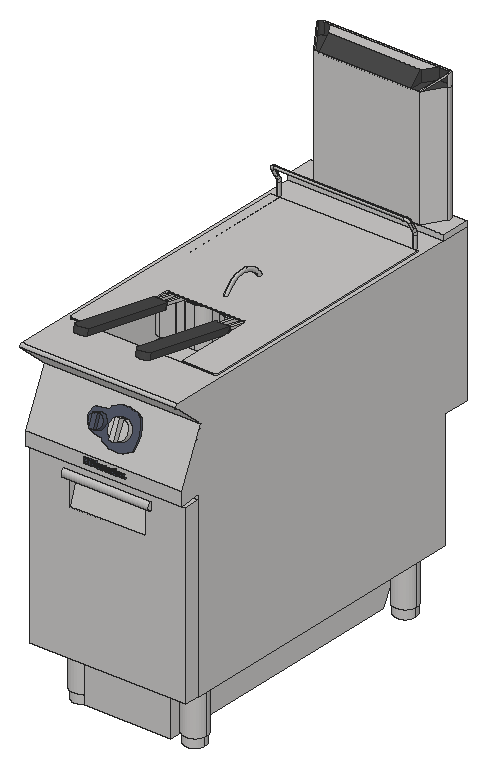
Revit family "QF_ELECTROLUXPROFESSIONAL_391631_E9KKMTBAMCI", category Attrezzature speciali, Revit 2021 (continued)
Automatic sketch dimensions
  Extrusion 16 sketch curve to Extrusion 16 sketch curve = 0.291 mm
  plane 7 "Center Y" to Extrusion 16 sketch curve = 8.533 mm
  Extrusion 16 sketch curve to Extrusion 16 sketch curve = 1.049 mm  (x2)
  Extrusion 16 sketch curve to Extrusion 16 sketch curve = 1.7 mm
  Extrusion 16 sketch curve to Extrusion 16 sketch curve = 0.894 mm
  Extrusion 16 sketch curve to plane 7 "Center Y" = 1.202 mm
  Extrusion 16 sketch curve to Extrusion 16 sketch curve = 0.989 mm
  Extrusion 16 sketch curve to Extrusion 16 sketch curve = 1.168 mm
  Extrusion 16 sketch curve to Extrusion 16 sketch curve = 1.594 mm
  Extrusion 16 sketch curve to Extrusion 16 sketch curve = 0.731 mm
  Extrusion 16 sketch curve to Extrusion 16 sketch curve = 1.566 mm
  Extrusion 16 sketch curve to Extrusion 16 sketch curve = 0.064 mm
  plane 7 "Center Y" to Extrusion 16 sketch curve = 9.089 mm
  Extrusion 16 sketch curve to Extrusion 16 sketch curve = 0.556 mm  (x2)
  Extrusion 16 sketch curve to Extrusion 16 sketch curve = 0.48 mm
  Extrusion 16 sketch curve to Extrusion 16 sketch curve = 1.018 mm
  Extrusion 16 sketch curve to Extrusion 16 sketch curve = 0.787 mm
  Extrusion 16 sketch curve to Extrusion 16 sketch curve = 0.618 mm
  Extrusion 16 sketch curve to Extrusion 16 sketch curve = 1.672 mm
  Extrusion 16 sketch curve to Extrusion 16 sketch curve = 1.361 mm
  Extrusion 16 sketch curve to Extrusion 16 sketch curve = 0.822 mm
  Extrusion 16 sketch curve to Extrusion 16 sketch curve = 0.069 mm
  Extrusion 16 sketch curve to Extrusion 16 sketch curve = 1.88 mm
  Extrusion 16 sketch curve to Extrusion 16 sketch curve = 0.42 mm
  Extrusion 16 sketch curve to Extrusion 16 sketch curve = 0.062 mm
  Extrusion 16 sketch curve to Extrusion 16 sketch curve = 1.355 mm
  Extrusion 16 sketch curve to Extrusion 16 sketch curve = 2.34 mm
  Extrusion 16 sketch curve to Extrusion 16 sketch curve = 0.493 mm
  Extrusion 16 sketch curve to Extrusion 16 sketch curve = 0.136 mm
  Extrusion 16 sketch curve to Extrusion 16 sketch curve = 0.128 mm
  Extrusion 16 sketch curve to Extrusion 16 sketch curve = 3.616 mm
  Extrusion 16 sketch curve to Extrusion 16 sketch curve = 4.207 mm
  Extrusion 16 sketch curve to Extrusion 16 sketch curve = 0.183 mm
  Extrusion 16 sketch curve to Extrusion 16 sketch curve = 0.895 mm
  Extrusion 16 sketch curve to Extrusion 16 sketch curve = 1.314 mm
  Extrusion 16 sketch curve to Extrusion 16 sketch curve = 3.231 mm
  Extrusion 16 sketch curve to Extrusion 16 sketch curve = 1.299 mm
  Extrusion 16 sketch curve to Extrusion 16 sketch curve = 1.214 mm
  Extrusion 16 sketch curve to Extrusion 16 sketch curve = 1.264 mm
  Extrusion 16 sketch curve to Extrusion 16 sketch curve = 0.109 mm
  Extrusion 16 sketch curve to Extrusion 16 sketch curve = 0.357 mm
  Extrusion 16 sketch curve to Extrusion 16 sketch curve = 0.565 mm
  Extrusion 16 sketch curve to Extrusion 16 sketch curve = 2.504 mm
  Extrusion 16 sketch curve to Extrusion 16 sketch curve = 2.459 mm
  Extrusion 16 sketch curve to Extrusion 16 sketch curve = 1.322 mm
  Extrusion 16 sketch curve to Extrusion 16 sketch curve = 2.77 mm
  Extrusion 16 sketch curve to Extrusion 16 sketch curve = 2.51 mm
  Extrusion 16 sketch curve to Extrusion 16 sketch curve = 0.187 mm
  Extrusion 16 sketch curve to Extrusion 16 sketch curve = 2.559 mm
  Extrusion 16 sketch curve to Extrusion 16 sketch curve = 1.556 mm
  Extrusion 16 sketch curve to Extrusion 16 sketch curve = 0.222 mm
  Extrusion 16 sketch curve to Extrusion 16 sketch curve = 1.383 mm
  Extrusion 16 sketch curve to Extrusion 16 sketch curve = 3.114 mm
  Extrusion 16 sketch curve to Extrusion 16 sketch curve = 3.376 mm
  Extrusion 16 sketch curve to Extrusion 16 sketch curve = 0.934 mm
  Extrusion 16 sketch curve to Extrusion 16 sketch curve = 0.191 mm
  Extrusion 16 sketch curve to Extrusion 16 sketch curve = 3.696 mm
  Extrusion 16 sketch curve to Extrusion 16 sketch curve = 2.708 mm
  Extrusion 16 sketch curve to Extrusion 16 sketch curve = 3.333 mm
  Extrusion 16 sketch curve to Extrusion 16 sketch curve = 0.332 mm
  Extrusion 16 sketch curve to Extrusion 16 sketch curve = 1.087 mm
  Extrusion 16 sketch curve to Extrusion 16 sketch curve = 2.23 mm
  Extrusion 16 sketch curve to Extrusion 16 sketch curve = 2.757 mm
  Extrusion 16 sketch curve to Extrusion 16 sketch curve = 0.987 mm
  Extrusion 16 sketch curve to Extrusion 16 sketch curve = 1.529 mm
  Extrusion 16 sketch curve to Extrusion 16 sketch curve = 1.796 mm
  Extrusion 16 sketch curve to Extrusion 16 sketch curve = 2.859 mm
  Extrusion 16 sketch curve to Extrusion 16 sketch curve = 0.853 mm
  Extrusion 16 sketch curve to Extrusion 16 sketch curve = 1.241 mm
  Extrusion 16 sketch curve to Extrusion 16 sketch curve = 2.046 mm  (x2)
  Extrusion 16 sketch curve to Extrusion 16 sketch curve = 2.422 mm
  Extrusion 16 sketch curve to Extrusion 16 sketch curve = 0.27 mm  (x2)
  Extrusion 16 sketch curve to Extrusion 16 sketch curve = 0.69 mm
  Extrusion 16 sketch curve to Extrusion 16 sketch curve = 0.781 mm  (x2)
  Extrusion 16 sketch curve to Extrusion 16 sketch curve = 3.136 mm
  Extrusion 16 sketch curve to Extrusion 16 sketch curve = 1.767 mm
  Extrusion 16 sketch curve to Extrusion 16 sketch curve = 0.138 mm
  Extrusion 16 sketch curve to Extrusion 16 sketch curve = 0.777 mm
  Extrusion 16 sketch curve to Extrusion 16 sketch curve = 1.19 mm
  Extrusion 16 sketch curve to Extrusion 16 sketch curve = 0.782 mm
  Extrusion 16 sketch curve to Extrusion 16 sketch curve = 1.268 mm
  Extrusion 16 sketch curve to Extrusion 16 sketch curve = 0.422 mm  (x2)
  Extrusion 16 sketch curve to Extrusion 16 sketch curve = 1.559 mm
  Extrusion 16 sketch curve to Extrusion 16 sketch curve = 3.927 mm
  Extrusion 16 sketch curve to Extrusion 16 sketch curve = 0.983 mm
  Extrusion 16 sketch curve to Extrusion 16 sketch curve = 1.134 mm
  Extrusion 16 sketch curve to Extrusion 16 sketch curve = 0.094 mm
  Extrusion 16 sketch curve to Extrusion 16 sketch curve = 1.584 mm
  Extrusion 16 sketch curve to Extrusion 16 sketch curve = 0.916 mm
  Extrusion 16 sketch curve to Extrusion 16 sketch curve = 0.352 mm
  Extrusion 16 sketch curve to Extrusion 16 sketch curve = 0.458 mm
  Extrusion 16 sketch curve to Extrusion 16 sketch curve = 1.282 mm
  Extrusion 16 sketch curve to Extrusion 16 sketch curve = 0.685 mm
  Extrusion 16 sketch curve to Extrusion 16 sketch curve = 0.905 mm
  Extrusion 16 sketch curve to Extrusion 16 sketch curve = 2.865 mm
  Extrusion 16 sketch curve to Extrusion 16 sketch curve = 0.472 mm
  Extrusion 16 sketch curve to Extrusion 16 sketch curve = 0.101 mm
  Extrusion 16 sketch curve to Extrusion 16 sketch curve = 0.54 mm
  Extrusion 16 sketch curve to Extrusion 16 sketch curve = 0.02 mm
  Extrusion 16 sketch curve to Extrusion 16 sketch curve = 0.468 mm
  Extrusion 16 sketch curve to Extrusion 16 sketch curve = 0.829 mm
  Extrusion 16 sketch curve to Extrusion 16 sketch curve = 0.582 mm
  Extrusion 16 sketch curve to Extrusion 16 sketch curve = 0.166 mm
  Extrusion 16 sketch curve to Extrusion 16 sketch curve = 0.16 mm
  Extrusion 16 sketch curve to Extrusion 16 sketch curve = 2.781 mm
  Extrusion 16 sketch curve to Extrusion 16 sketch curve = 1.118 mm
  Extrusion 16 sketch curve to Extrusion 16 sketch curve = 0.613 mm
  Extrusion 16 sketch curve to Extrusion 16 sketch curve = 0.361 mm
  Extrusion 16 sketch curve to Extrusion 16 sketch curve = 0.897 mm
  Extrusion 16 sketch curve to Extrusion 16 sketch curve = 0.167 mm
  Extrusion 16 sketch curve to Extrusion 16 sketch curve = 0.292 mm
  Extrusion 16 sketch curve to Extrusion 16 sketch curve = 0.305 mm
  Extrusion 16 sketch curve to Extrusion 16 sketch curve = 1.557 mm
  Extrusion 16 sketch curve to Extrusion 16 sketch curve = 2.499 mm
  Extrusion 16 sketch curve to Extrusion 16 sketch curve = 3.062 mm
  Extrusion 16 sketch curve to Extrusion 16 sketch curve = 2.968 mm
  Extrusion 16 sketch curve to Extrusion 16 sketch curve = 5.044 mm
  Extrusion 16 sketch curve to Extrusion 16 sketch curve = 0.629 mm  (x2)
  Extrusion 16 sketch curve to Extrusion 16 sketch curve = 1.131 mm
  Extrusion 16 sketch curve to Extrusion 16 sketch curve = 0.137 mm
  Extrusion 16 sketch curve to Extrusion 16 sketch curve = 0.027 mm
  Extrusion 16 sketch curve to Extrusion 16 sketch curve = 2.235 mm
  Extrusion 17 sketch curve to Extrusion 17 sketch curve = 0 mm  (x2)
  Extrusion 17 sketch curve to plane 7 "Center Y" = 7.904 mm
  Extrusion 17 sketch curve to plane 7 "Center Y" = 14.86 mm
  Extrusion 17 sketch curve to Extrusion 17 sketch curve = 112.63 mm
  Extrusion 17 sketch curve to Extrusion 17 sketch curve = 1.398 mm
  Extrusion 17 sketch curve to Extrusion 17 sketch curve = 5.918 mm
  Extrusion 17 sketch curve to Extrusion 17 sketch curve = 7.825 mm
  Extrusion 17 sketch curve to Extrusion 17 sketch curve = 12.433 mm
  Extrusion 17 sketch curve to Extrusion 17 sketch curve = 33.329 mm
  Extrusion 17 sketch curve to Extrusion 17 sketch curve = 28.808 mm
  Extrusion 17 sketch curve to Extrusion 17 sketch curve = 2.986 mm
  Extrusion 17 sketch curve to Extrusion 17 sketch curve = 35.441 mm
  Extrusion 17 sketch curve to Extrusion 17 sketch curve = 23.969 mm
  Extrusion 17 sketch curve to plane 7 "Center Y" = 15.937 mm
  Extrusion 17 sketch curve to Extrusion 17 sketch curve = 31.993 mm
  Extrusion 17 sketch curve to Extrusion 17 sketch curve = 0.131 mm
  Extrusion 17 sketch curve to Extrusion 17 sketch curve = 36.738 mm
  Extrusion 17 sketch curve to Extrusion 17 sketch curve = 6.105 mm
  plane 7 "Center Y" to Extrusion 17 sketch curve = 23.064 mm
  Extrusion 17 sketch curve to Extrusion 17 sketch curve = 0.002 mm
  Extrusion 17 sketch curve to Extrusion 17 sketch curve = 38.412 mm
  Extrusion 17 sketch curve to Extrusion 17 sketch curve = 11.842 mm
  Extrusion 19 sketch curve to Extrusion 19 sketch curve = 24.732 mm
  Extrusion 19 sketch curve to Extrusion 19 sketch curve = 0 mm
  Extrusion 21 sketch curve to Extrusion 21 sketch curve = 0 mm
  Extrusion 21 sketch curve to Extrusion 21 sketch curve = 7.232 mm  (x3)
  Extrusion 21 sketch curve to Extrusion 21 sketch curve = 17.5 mm
  Extrusion 21 sketch curve to Extrusion 21 sketch curve = 5.786 mm
  Extrusion 24 sketch curve to Extrusion 24 sketch curve = 0 mm  (x8)
  Extrusion 24 sketch curve to plane 7 "Center Y" = 12.729 mm
  Extrusion 24 sketch curve to Extrusion 24 sketch curve = 3.175 mm
  Extrusion 24 sketch curve to Extrusion 24 sketch curve = 22.225 mm  (x2)
  plane 16 to Extrusion 24 sketch curve = 15.596 mm  (x2)
  Extrusion 24 sketch curve to plane 16 = 6.629 mm
  plane 12 to Extrusion 24 sketch curve = 59.26 mm
  Extrusion 24 sketch curve to plane 8 "Center X" = 80.89 mm
  plane 10 "TOP A" to Extrusion 26 sketch curve = 2.752 mm
  Extrusion 26 sketch curve to plane 8 "Center X" = 166.75 mm
  Extrusion 26 sketch curve to Extrusion 26 sketch curve = 2.306 mm
  Extrusion 26 sketch curve to Extrusion 26 sketch curve = 42.039 mm
  Extrusion 26 sketch curve to Extrusion 26 sketch curve = 6.254 mm
  Extrusion 26 sketch curve to Extrusion 26 sketch curve = 59.061 mm
  Extrusion 26 sketch curve to Extrusion 26 sketch curve = 7.158 mm
  Extrusion 26 sketch curve to Extrusion 26 sketch curve = 18.997 mm
  plane 10 "TOP A" to Extrusion 27 sketch curve = 2.752 mm
  Extrusion 27 sketch curve to plane 8 "Center X" = 166.75 mm
  Extrusion 27 sketch curve to Extrusion 27 sketch curve = 2.306 mm
  Extrusion 27 sketch curve to Extrusion 27 sketch curve = 42.039 mm
  Extrusion 27 sketch curve to Extrusion 27 sketch curve = 6.254 mm
  Extrusion 27 sketch curve to Extrusion 27 sketch curve = 59.061 mm
  Extrusion 27 sketch curve to Extrusion 27 sketch curve = 7.158 mm
  Extrusion 27 sketch curve to Extrusion 27 sketch curve = 5.916 mm
  Extrusion 28 sketch curve to Extrusion 28 sketch curve = 0 mm  (x8)
  plane 7 "Center Y" to Extrusion 28 sketch curve = 12.729 mm
  Extrusion 28 sketch curve to Extrusion 28 sketch curve = 3.175 mm
  Extrusion 28 sketch curve to Extrusion 28 sketch curve = 22.225 mm  (x2)
  Extrusion 28 sketch curve to plane 15 = 15.596 mm  (x2)
  plane 21 to Extrusion 28 sketch curve = 4.371 mm
  Extrusion 28 sketch curve to plane 8 "Center X" = 106.29 mm
  plane 12 to Extrusion 28 sketch curve = 84.66 mm
  plane 10 "TOP A" to Extrusion 29 sketch curve = 2.752 mm
  Extrusion 29 sketch curve to plane 8 "Center X" = 166.75 mm
  Extrusion 29 sketch curve to Extrusion 29 sketch curve = 2.306 mm
  Extrusion 29 sketch curve to Extrusion 29 sketch curve = 42.039 mm
  Extrusion 29 sketch curve to Extrusion 29 sketch curve = 6.254 mm
  Extrusion 29 sketch curve to Extrusion 29 sketch curve = 59.061 mm
  Extrusion 29 sketch curve to Extrusion 29 sketch curve = 7.158 mm
  Extrusion 29 sketch curve to Extrusion 29 sketch curve = 5.916 mm
  Extrusion 30 sketch curve to plane 11 = 0 mm
  level to Extrusion 30 sketch curve = 11 mm
  plane 13 to Extrusion 30 sketch curve = 35.361 mm
  plane 12 to Extrusion 30 sketch curve = 31.049 mm
  Extrusion 30 sketch curve to plane 12 = 46 mm
  Split face 1 sketch curve to Extrusion 30 = 2 mm  (x3)
  Split face 1 sketch curve to Extrusion 30 = 47.969 mm
  Split face 2 sketch curve to Extrusion 30 = 51.412 mm
  Split face 2 sketch curve to Split face 2 sketch curve = 7.5 mm
  Split face 2 sketch curve to Split face 2 sketch curve = 15 mm  (x2)
  Split face 2 sketch curve to Extrusion 30 = 35.145 mm
  Extrusion 31 sketch curve to plane 15 = 45.378 mm
  Extrusion 31 sketch curve to Extrusion 31 sketch curve = 0 mm
  Extrusion 31 sketch curve to Extrusion 31 sketch curve = 11.832 mm
  Extrusion 31 sketch curve to plane 15 = 48.887 mm
  Extrusion 31 sketch curve to Extrusion 31 sketch curve = 243.056 mm
  Extrusion 31 sketch curve to Extrusion 31 sketch curve = 3.5 mm
  Extrusion 31 sketch curve to Extrusion 31 sketch curve = 18.617 mm
  Extrusion 32 sketch curve to plane 22 = 0 mm
  Extrusion 32 sketch curve to plane 15 = 33.649 mm
  plane 16 to Extrusion 32 sketch curve = 33.649 mm
  plane 13 to Extrusion 32 sketch curve = 35.361 mm
  Extrusion 3 sketch curve to plane 4 "RIGHT" = 11.548 mm
  Extrusion 3 sketch curve to Extrusion 3 sketch curve = 6.35 mm  (x3)
  Extrusion 3 sketch curve to plane 13 = 12.857 mm
  Extrusion 3 sketch curve to plane 15 = 37.387 mm
  Extrusion 3 sketch curve to plane 15 = 43.712 mm
  plane 16 to Extrusion 3 sketch curve = 47.563 mm
  Extrusion 3 sketch curve to plane 13 = 19.207 mm
  plane 16 to Extrusion 3 sketch curve = 41.213 mm
  plane 3 "LEFT" to Extrusion 3 sketch curve = 17.898 mm
  plane 3 "LEFT" to Extrusion 3 sketch curve = 11.548 mm
  Extrusion 3 sketch curve to plane 8 "Center X" = 121.546 mm
  plane 12 to Extrusion 3 sketch curve = 15.304 mm
  plane 5 "FRONT" to Extrusion 5 sketch curve = 0 mm  (x2)
  plane 1 "BACK" to Extrusion 5 sketch curve = 0 mm
  Extrusion 5 sketch curve to plane 3 "LEFT" = 0 mm
  Extrusion 5 sketch curve to plane 4 "RIGHT" = 0 mm
  Extrusion 5 sketch curve to plane 3 "LEFT" = 150.019 mm
  plane 4 "RIGHT" to Extrusion 5 sketch curve = 150.019 mm
  Extrusion 5 sketch curve to plane 1 "BACK" = 150.019 mm
  curve 30 to curve 31 = 0 mm
  curve 37 to curve 38 = 0 mm
  curve 22 to plane 4 "RIGHT" = 0 mm
  curve 23 to plane 4 "RIGHT" = 0 mm
  plane 5 "FRONT" to curve 24 = 0 mm
  curve 72 to plane 22 = 0 mm
  curve 27 to plane 3 "LEFT" = 0 mm
  plane 1 "BACK" to curve 29 = 0 mm
  plane 5 "FRONT" to curve 3 = 0 mm
  plane 5 "FRONT" to curve 1 = 0 mm
  curve 28 to plane 4 "RIGHT" = 11.548 mm
  curve 16 to curve 65 = 6.218 mm
  curve 16 to curve 16 = 6.218 mm
  curve 17 to curve 42 = 9.722 mm
  curve 39 to curve 42 = 3.955 mm
  curve 39 to curve 37 = 3.999 mm
  curve 42 to curve 43 = 1.398 mm
  curve 40 to curve 41 = 2.174 mm
  curve 41 to curve 43 = 0.475 mm
  curve 24 to plane 15 = 18.24 mm
  curve 72 to plane 15 = 33.649 mm
  curve 15 to plane 15 = 37.387 mm
  curve 15 to curve 15 = 6.325 mm
  curve 69 to plane 15 = 45.378 mm
  curve 57 to curve 62 = 3.509 mm
  curve 13 to curve 60 = 5.745 mm
  curve 60 to curve 12 = 0.605 mm
  curve 13 to curve 59 = 5.251 mm
  curve 69 to curve 68 = 18.617 mm
  curve 69 to curve 68 = 0 mm
  curve 59 to curve 61 = 17.363 mm
  curve 61 to curve 63 = 2.936 mm
  curve 61 to curve 64 = 5.857 mm
  curve 64 to curve 58 = 0.579 mm
  plane 7 "Center Y" to curve 19 = 4.443 mm
  curve 21 to plane 7 "Center Y" = 0.006 mm
  curve 54 to plane 7 "Center Y" = 61.387 mm
  curve 47 to curve 49 = 3.5 mm
  curve 49 to curve 55 = 0.579 mm
  curve 54 to curve 52 = 2.936 mm
  curve 67 to curve 66 = 18.617 mm
  curve 67 to curve 66 = 0 mm
  curve 52 to curve 50 = 17.363 mm
  curve 50 to curve 51 = 5.857 mm
  curve 51 to curve 53 = 0.57 mm
  curve 51 to curve 11 = 1.895 mm
  curve 53 to curve 48 = 3.509 mm
  curve 11 to curve 10 = 6.35 mm
  curve 9 to curve 9 = 6.272 mm
  plane 16 to curve 70 = 33.649 mm
  plane 16 to curve 24 = 3.881 mm
  plane 12 to curve 36 = 17.746 mm
  curve 36 to plane 16 = 24.082 mm
  curve 25 to curve 34 = 0.475 mm
  curve 25 to curve 33 = 2.65 mm
  curve 33 to curve 35 = 1.398 mm
  curve 33 to curve 30 = 3.999 mm
  curve 26 to curve 35 = 6.218 mm
  plane 3 "LEFT" to curve 7 = 17.965 mm
  curve 7 to curve 7 = 6.416 mm
  curve 23 to curve 4 = 4.082 mm
  plane 12 to curve 30 = 3.22 mm
  plane 12 to curve 38 = 3.22 mm
  curve 32 to curve 45 = 8.085 mm
  curve 37 to curve 46 = 8.085 mm
  curve 38 to curve 28 = 8.085 mm
  curve 46 to curve 43 = 2.442 mm
  curve 36 to curve 34 = 2.87 mm
  curve 43 to curve 41 = 2.87 mm
  curve 34 to curve 36 = 3.923 mm
  curve 33 to curve 35 = 0.8 mm
  plane 8 "Center X" to curve 21 = 51.156 mm
  curve 20 to plane 8 "Center X" = 55.62 mm
  curve 19 to curve 64 = 59.576 mm
  curve 13 to curve 59 = 43.267 mm
  curve 55 to curve 54 = 49.617 mm
  curve 55 to curve 54 = 3.381 mm
  curve 64 to curve 63 = 3.381 mm
  curve 58 to curve 57 = 3.39 mm
  curve 49 to curve 48 = 3.39 mm
  curve 15 to plane 13 = 19.182 mm
  curve 6 to plane 13 = 19.151 mm
  curve 16 to plane 13 = 19.075 mm
  curve 15 to curve 65 = 6.447 mm
  curve 44 to plane 13 = 12.735 mm
  curve 69 to plane 5 "FRONT" = 58.931 mm
  curve 67 to plane 5 "FRONT" = 58.931 mm
  curve 23 to plane 5 "FRONT" = 57 mm
  curve 67 to curve 66 = 3.043 mm
  curve 69 to curve 68 = 3.043 mm
  curve 66 to curve 67 = 9.034 mm
  curve 68 to curve 69 = 9.034 mm
  curve 67 to curve 48 = 3.111 mm
  curve 69 to curve 57 = 3.111 mm
  Extrusion 8 sketch curve to plane 4 "RIGHT" = 0 mm
  plane 3 "LEFT" to Extrusion 8 sketch curve = 0.912 mm
  Extrusion 8 sketch curve to plane 5 "FRONT" = 30 mm
  Sweep 14 sketch curve to plane 10 "TOP A" = 0 mm
  plane 12 to Sweep 14 sketch curve = 23.684 mm
  Sweep 14 sketch curve to plane 6 "TOP" = 3.838 mm
  plane 12 to Sweep 14 sketch curve = 14.718 mm
  plane 12 to Sweep 14 sketch curve = 9.424 mm
  plane 12 to Sweep 14 sketch curve = 7.218 mm
  Sweep 14 sketch curve to Sweep 14 sketch curve = 17.402 mm
  Sweep 14 sketch curve to Sweep 14 sketch curve = 0 mm  (x4)
  profile plane to Sweep 14 sketch curve = 3.998 mm  (x2)
  Sweep 14 sketch curve to profile plane = 0.001 mm  (x2)
  plane 3 "LEFT" to Sweep 14 sketch curve = 25.269 mm
  Sweep 14 sketch curve to Sweep 14 sketch curve = 349.461 mm
  plane 10 "TOP A" to Extrusion 23 sketch curve = 2.752 mm
  Extrusion 23 sketch curve to plane 8 "Center X" = 166.75 mm
  Extrusion 23 sketch curve to Extrusion 23 sketch curve = 2.306 mm
  Extrusion 23 sketch curve to Extrusion 23 sketch curve = 42.039 mm
  Extrusion 23 sketch curve to Extrusion 23 sketch curve = 6.254 mm
  Extrusion 23 sketch curve to Extrusion 23 sketch curve = 59.061 mm
  Extrusion 23 sketch curve to Extrusion 23 sketch curve = 7.158 mm
  Extrusion 23 sketch curve to Extrusion 23 sketch curve = 18.997 mm
  plane 16 to Extrusion 25 sketch curve = 45.378 mm
  Extrusion 25 sketch curve to Extrusion 25 sketch curve = 0 mm
  Extrusion 25 sketch curve to Extrusion 25 sketch curve = 11.832 mm
  plane 16 to Extrusion 25 sketch curve = 48.887 mm
  Extrusion 25 sketch curve to Extrusion 25 sketch curve = 243.056 mm
  Extrusion 25 sketch curve to Extrusion 25 sketch curve = 3.5 mm
  Extrusion 25 sketch curve to Extrusion 25 sketch curve = 18.617 mm
  Extrusion 33 sketch curve to plane 15 = 8.298 mm
  Extrusion 33 sketch curve to plane 12 = 56 mm
  plane 1 "BACK" to Extrusion 33 sketch curve = 19.566 mm  (x2)
  Extrusion 33 sketch curve to Extrusion 33 sketch curve = 5.446 mm  (x2)
  plane 1 "BACK" to Extrusion 33 sketch curve = 4.12 mm
  Extrusion 33 sketch curve to plane 21 = 5.067 mm
  plane 16 to Extrusion 33 sketch curve = 8.298 mm
  Extrusion 33 sketch curve to plane 16 = 16.067 mm
  Extrusion 34 sketch curve to Extrusion 34 sketch curve = 0 mm  (x2)
  Extrusion 33 to Extrusion 34 sketch curve = 0 mm
  Extrusion 34 sketch curve to Extrusion 34 sketch curve = 7 mm
  Extrusion 34 sketch curve to Extrusion 34 sketch curve = 3.812 mm  (x2)
  Extrusion 34 sketch curve to Extrusion 34 sketch curve = 1.634 mm  (x2)
  Extrusion 35 sketch curve to plane 12 = 56 mm
  plane 1 "BACK" to Extrusion 35 sketch curve = 38.56 mm
  plane 1 "BACK" to Extrusion 35 sketch curve = 7.12 mm
  plane 11 to Extrusion 35 sketch curve = 1019.8 mm
  Extrusion 35 sketch curve to Extrusion 35 sketch curve = 30.2 mm
  Extrusion 36 sketch curve to Extrusion 33 = 31.44 mm  (x2)
  Extrusion 36 sketch curve to Extrusion 33 = 3 mm  (x2)
  Extrusion 36 sketch curve to Extrusion 33 = 35.692 mm
  Extrusion 36 sketch curve to Extrusion 36 sketch curve = 19.646 mm  (x2)
  Extrusion 36 sketch curve to Extrusion 36 sketch curve = 236.702 mm
  Extrusion 37 sketch curve to Extrusion 33 = 0 mm  (x3)
  Extrusion 37 sketch curve to Extrusion 37 sketch curve = 6.685 mm
  Extrusion 37 sketch curve to Extrusion 33 = 26.843 mm
  Extrusion 37 sketch curve to Extrusion 37 sketch curve = 3.357 mm
  plane 11 to Extrusion 38 sketch curve = 1019.8 mm
  Extrusion 38 sketch curve to Extrusion 38 sketch curve = 6.685 mm
  Extrusion 38 sketch curve to Extrusion 38 sketch curve = 53.45 mm
  Extrusion 38 sketch curve to Extrusion 38 sketch curve = 26.843 mm
  Extrusion 38 sketch curve to Extrusion 38 sketch curve = 3.357 mm
  curve 75 to curve 88 = 0 mm  (x2)
  curve 77 to curve 80 = 0 mm  (x2)
  curve 77 to plane 16 = 24.454 mm
  curve 78 to curve 80 = 2.516 mm
  plane 1 "BACK" to curve 80 = 7.12 mm
  curve 79 to curve 80 = 5.871 mm
  plane 16 to curve 82 = 1.984 mm
  plane 16 to curve 73 = 8.298 mm
  curve 73 to curve 79 = 3.577 mm
  curve 79 to curve 83 = 9.755 mm
  curve 83 to curve 126 = 5.58 mm
  curve 127 to curve 128 = 9.542 mm
  curve 126 to curve 122 = 2.458 mm
  curve 123 to curve 125 = 9.542 mm
  curve 124 to curve 119 = 2.458 mm
  curve 119 to curve 120 = 9.542 mm
  curve 120 to curve 116 = 2.458 mm
  curve 114 to curve 114 = 9.542 mm
  curve 116 to curve 111 = 2.458 mm
  curve 111 to curve 112 = 9.542 mm
  curve 112 to curve 107 = 2.458 mm
  curve 106 to curve 106 = 9.542 mm
  curve 106 to curve 102 = 2.458 mm
  curve 103 to curve 105 = 9.542 mm
  curve 104 to curve 99 = 2.458 mm
  curve 99 to curve 100 = 9.542 mm
  curve 100 to curve 96 = 2.458 mm
  curve 94 to curve 94 = 9.542 mm
  curve 96 to curve 91 = 2.458 mm
  plane 7 "Center Y" to curve 93 = 0.752 mm
  curve 90 to curve 130 = 2.458 mm
  curve 130 to curve 131 = 9.542 mm
  curve 131 to curve 136 = 2.458 mm
  curve 134 to curve 135 = 9.542 mm
  curve 134 to curve 141 = 2.458 mm
  curve 140 to curve 140 = 9.542 mm
  curve 138 to curve 145 = 2.458 mm
  curve 144 to curve 143 = 9.542 mm
  curve 142 to curve 146 = 2.458 mm
  curve 148 to curve 148 = 9.542 mm
  curve 147 to curve 152 = 2.458 mm
  curve 152 to curve 152 = 9.542 mm
  curve 150 to curve 154 = 2.458 mm
  curve 154 to curve 155 = 9.542 mm
  curve 155 to curve 161 = 2.458 mm
  curve 160 to curve 160 = 9.542 mm
  curve 159 to curve 164 = 2.458 mm
  curve 164 to curve 163 = 9.542 mm
  curve 163 to curve 86 = 5.58 mm
  curve 89 to plane 15 = 11.875 mm
  curve 87 to plane 15 = 10.022 mm
  curve 89 to curve 73 = 3.577 mm
  curve 88 to plane 21 = 5.067 mm
  curve 75 to curve 88 = 5.871 mm
  curve 89 to curve 74 = 2.516 mm
  curve 80 to curve 80 = 7 mm
  curve 88 to curve 87 = 7 mm
  curve 78 to curve 80 = 1.634 mm
  curve 74 to curve 89 = 1.634 mm
  curve 86 to curve 87 = 31.44 mm
  curve 149 to curve 150 = 0 mm
  curve 163 to curve 84 = 3.656 mm
  curve 145 to curve 146 = 0 mm
  curve 161 to curve 162 = 0 mm
  curve 141 to curve 142 = 0 mm
  curve 150 to curve 157 = 0 mm
  curve 155 to curve 158 = 0 mm
  curve 137 to curve 138 = 0 mm
  curve 90 to curve 133 = 0 mm
  curve 131 to curve 134 = 0 mm
  curve 94 to curve 90 = 0 mm
  curve 127 to curve 83 = 3.656 mm
  curve 98 to curve 94 = 0 mm
  curve 126 to curve 123 = 0 mm
  curve 102 to curve 98 = 0 mm
  curve 122 to curve 119 = 0 mm
  curve 110 to curve 106 = 0 mm
  curve 117 to curve 110 = 0 mm
  curve 118 to curve 115 = 0 mm
  curve 149 to curve 146 = 26.091 mm
  curve 116 to curve 111 = 0 mm
  curve 112 to curve 108 = 0 mm
  curve 120 to curve 115 = 0 mm
  curve 108 to curve 104 = 0 mm
  curve 124 to curve 119 = 0 mm
  curve 104 to curve 100 = 0 mm
  curve 128 to curve 123 = 0 mm
  curve 100 to curve 96 = 0 mm
  curve 96 to curve 131 = 0 mm
  curve 96 to curve 92 = 0 mm
  curve 131 to curve 135 = 0 mm
  curve 143 to curve 149 = 0 mm
  curve 149 to curve 151 = 0 mm
  curve 135 to curve 139 = 0 mm
  curve 151 to curve 155 = 0 mm
  curve 139 to curve 144 = 0 mm
  curve 159 to curve 164 = 0 mm
  curve 155 to curve 160 = 0 mm
  curve 78 to curve 127 = 1.693 mm
  curve 27 to plane 12 = 54.11 mm
  radius of Sweep 4 sketch curve = 4.353 mm
  radius of Sweep 15 sketch curve = 4 mm
  radius of Extrusion 18 sketch curve = 25.4 mm
  radius of Extrusion 19 sketch curve to Extrusion 18 = 0 mm  (x2)
  radius of Extrusion 20 sketch curve = 18.37 mm
  radius of Extrusion 22 sketch curve = 6.35 mm
  radius of Extrusion 34 sketch curve to Extrusion 33 = 0 mm
  radius of Extrusion 34 sketch curve to Extrusion 33 = 3 mm
Connectors
  piping at (355, -648, 135), diameter 12.8
    settings: on Extrusion 22, index 1, connector inside diameter 0.50394", connector length 0 mm, flow factor 0, pipe flow 0 GPM, pressure drop 0.00 psi, fitting loss kfactor 0, connector angle 0.00°, fixture units 0, engagement length 0 mm, angle of deflection 0.00°, flow configuration 1, flow direction 1, fitting loss method 0, system type 7, joint type 0, gender type 0, connector reference index -1, connector utility 0, adjustable connector no, is connector primary yes, connector description "GAS CONNECTION"
